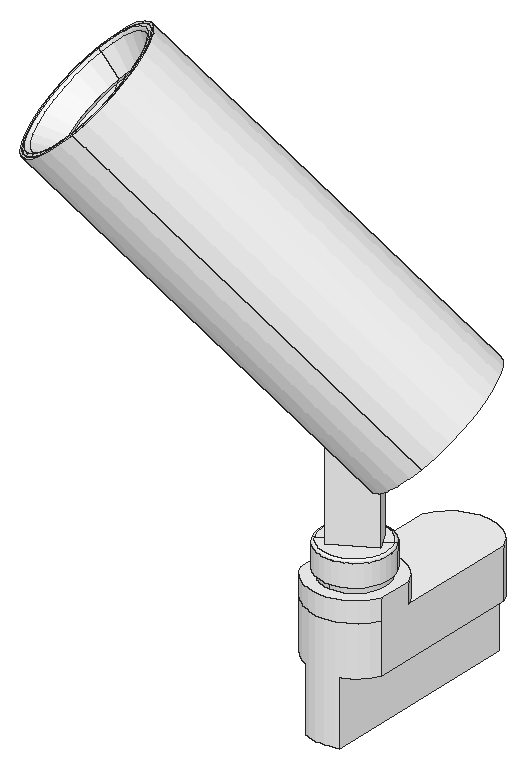
Revit family "0005428 Sylvania Lighting Fixture START Track Spot Integral 940 MB WB WHT", category Lighting Fixtures, host Face, Revit 2017
Family settings
  Host = Face
  Round Connector Dimension = Use Diameter
  Part Type = Normal
  OmniClass Number = 23.80.70.00
  OmniClass Title = Lighting
  Cut with Voids When Loaded = No
  Light Source = No
  Shared = No
  Room Calculation Point = No
Parameters (values of type "0005428 ST TRK SPT INTGRL 1500LM 940 MB WHT")
  Weight = "5.832 kg"
  Wattage Comments = ""
  WarrantyStartDate [instance] = "n/a"
  WarrantyGuarantorParts = "n/a"
  WarrantyDurationUnit = "n/a"
  WarrantyDurationParts = "n/a"
  WarrantyDescription = "n/a"
  Voltage = 230 V
  VerticalRotation_SYL [instance] = 60.00°
  VerticalEndAngle_SYL [instance] = VerticalRotation_SYL - 180.00°  # -120.00°
  URL = "http://www.sylvania-lighting.com"
  TypeName = "START Track Spot Integral 1500lm 940 MB WB WHT"
  TypeHead_SYL = START Track Spot Integral Head : 0005428 ST TRK SPT INTGRL 1500LM 940 MB WHT
  TypeArm_SYL = START Track Spot Integral Arm : START Track Spot Integral WH
  Type Image = <None>
  Type Comments = "n/a"
  SerialNumber [instance] = "n/a"
  Material_3_SYL = none
  PowerFactor = 0
  PowerConsumption = "17 W"
  NominalLength = 0 mm
  NominalHeight = 0 mm
  NominalDepth = 0 mm
  Name = "START Track Spot Integral 1500lm 940 MB WB WHT"
  ModelReference = Name  # "START Track Spot Integral 1500lm 940 MB WB WHT"
  ModelNumber = "0005428"
  Model = Name  # "START Track Spot Integral 1500lm 940 MB WB WHT"
  Material = "n/a"
  ManufacturerName = "Feilo Sylvania"
  Manufacturer = "Feilo Sylvania"
  LuminousEfficacy = "85.45 lm/W"
  LuminaireType = ""
  LightOutputRatio = "n/a"
  LampsType = Lamp  # "LED"
  LampNominalLuminous = "1500 lm"
  LampMacAdamStep = "3"
  LampColourTemperature = "4000"
  LampColourRenderingIndex = "90"
  Lamp = "LED"
  Keynote = "16500"
  InstallationDate [instance] = "n/a"
  InputVoltage = "220-240V~"
  InputNominalFrequency = "50/60 Hz"
  IngressProtection = "IP20"
  ImpactProtectionIndex = "IK03"
  IfcExportType = "IfcLightFixtureType"
  IfcExportAs = "IfcLightFixtureType"
  HorizontalRotation_SYL [instance] = 45.00°
  ExpectedLife = 50000
  ElectricShockClassification = "Class I"
  DurationUnit = "hours"
  DocumentationLiterature = "http://www.sylvania-lighting.com/product/en-int/products/0005428"
  DimmingControlOptions = "Non dimmable"
  Material_2_SYL = Spacer-Sylvania-StartTrackSpot-Aluminium
  Description = ""
  Default Elevation = 1219.2 mm
  CreatedOn = "9/6/2018"
  CreatedBy = ""
  Cost = 0
  built-in parameter 1114216 [instance] = (empty or 0)
  ClassificationValue = "EF_70_80"
  ClassificationName = "Uniclass2015"
  Material_1_SYL = Body-Sylvania-StartTrackSpot-White
  BarCode [instance] = "n/a"
  AssetType = "Fixed"
  AssetIdentifier [instance] = "n/a"
  Assembly Code = "D5020200"
  Apparent Load = 17 VA
  Material_4_SYL = none
Types (2, lengths in mm): name | TypeName | TypeHead_SYL | Name | ModelReference | Model | LuminousEfficacy | LampNominalLuminous
  0005428 ST TRK SPT INTGRL 1500LM 940 MB WHT | "START Track Spot Integral 1500lm 940 MB WB WHT" | START Track Spot Integral Head : 0005428 ST TRK SPT INTGRL 1500LM 940 MB WHT | "START Track Spot Integral 1500lm 940 MB WB WHT" | "START Track Spot Integral 1500lm 940 MB WB WHT" | "START Track Spot Integral 1500lm 940 MB WB WHT" | "85.45 lm/W" | "1500 lm"
  0005428 ST TRK SPT INTGRL 1550LM 940 WB WHT | "START Track Spot Integral 1550lm 940 MB WB WHT" | START Track Spot Integral Head : 0005428 ST TRK SPT INTGRL 1550LM 940 WB WHT | "START Track Spot Integral 1550lm 940 MB WB WHT" | "START Track Spot Integral 1550lm 940 MB WB WHT" | "START Track Spot Integral 1550lm 940 MB WB WHT" | "90.90 lm/W" | "1550 lm"
Reference planes
  plane 1 "Center (Front/Back)": y = 0
  plane 2: z = 0
  plane 3 "Center (Left/Right)": x = 0
  plane 4: x = 16.6
  plane 5: x = -16.6
  plane 6: x = 7
  plane 7: x = -7
  plane 8: x = -12.8
  plane 9: y = 42
  plane 10: y = 42
  plane 11: y = -42
  plane 12: y = 31.4
  plane 13: y = -31.4
  plane 14: z = -26
  plane 15: z = 20.3
  plane 16: z = 28.5
  plane 17: z = 31.2
  plane 18: y = -17.4
  plane 19: y = -6.8
  plane 20: y = -24.4
Forms (mm)
  Extrusion 1, solid, material "Body-Sylvania-StartTrackSpot-White" <- "Material_1_SYL"
    sketch origin (0, 0, 0) x (1, 0, 0) y (0, 1, 0)
      loop
        line (-16.6, 31.4) -> (-16.6, -31.4)
        arc (-16.6, -31.4) -> (0, -42) -> (16.6, -31.4) r 18.298
        line (16.6, -31.4) -> (16.6, 31.4)
        arc (16.6, 31.4) -> (0, 42) -> (-16.6, 31.4) r 18.298
    from -26 to 20.3
  Extrusion 2, void
    sketch origin (0, 0, 0) x (1, 0, 0) y (0, 1, 0)
      loop
        arc (-7, 40.608) -> (-12.666, 36.907) -> (-16.6, 31.4) r 18.298
        line (-16.6, 31.4) -> (-16.6, -31.4)
        arc (-16.6, -31.4) -> (-12.666, -36.907) -> (-7, -40.608) r 18.298
        line (-7, -40.608) -> (-7, 40.608)
      loop
        line (16.6, -31.4) -> (16.6, 31.4)
        arc (16.6, 31.4) -> (12.666, 36.907) -> (7, 40.608) r 18.298
        line (7, 40.608) -> (7, -40.608)
        arc (7, -40.608) -> (12.666, -36.907) -> (16.6, -31.4) r 18.298
    from 0 to -26
  Extrusion 3, solid, material "Body-Sylvania-StartTrackSpot-White" <- "Material_1_SYL"
    sketch origin (1223.4, -4572, 20.3) x (0, -1, 0) y (-1, 0, 0)
      loop
        line (-4540.6, 1240) -> (-4554.6, 1240)
        arc (-4554.6, 1240) -> (-4565.2, 1223.4) -> (-4554.6, 1206.8) r 18.298
        line (-4554.6, 1206.8) -> (-4540.6, 1206.8)
        arc (-4540.6, 1206.8) -> (-4530, 1223.4) -> (-4540.6, 1240) r 18.298
    from -8.2 to 0
  Extrusion 4, solid, material "Spacer-Sylvania-StartTrackSpot-Aluminium" <- "Material_2_SYL"
    sketch origin (1223.4, -4572, 28.5) x (0, -1, 0) y (-1, 0, 0)
      loop
        circle (-4547.6, 1223.4) r 12.7
    from 0 to -2.7
  Revolve 5, solid, not visible
    sketch origin (1524, -24.4, 1219.2) x (1, 0, 0) y (0, 0, 1)
      loop
        line (-1524, -1188) -> (-1524, -1168.735) -> (-1531, -1168.735) -> (-1531, -1188) -> (-1524, -1188)
      axis (-1524, -1168.735) -> (-1524, -1188)
    angle from 60 <- "VerticalRotation_SYL" to -120 <- "VerticalEndAngle_SYL"
Cuts and joins
  Extrusion 2 cuts Extrusion 1
  joined: Extrusion 1, Extrusion 3
Lines and regions (mm)
  reference lines
    curve 1: circle (0, -24.4, 0) r 12.7 normal (0, 0, 1)
    curve 2: arc (-16.6, -31.4, 0) -> (0, -42, 0) -> (16.6, -31.4, 0) r 18.298
    curve 3: arc (-16.6, -17.4, 0) -> (0, -6.8, 0) -> (16.6, -17.4, 0) r 18.298
    curve 4: arc (-16.6, 31.4, 0) -> (0, 42, 0) -> (16.6, 31.4, 0) r 18.298
Dimensions and locks
  plane 6 to plane 3 "Center (Left/Right)" to plane 7 = 7 mm locked, 7 mm locked
  plane 4 to plane 3 "Center (Left/Right)" to plane 5 = 16.6 mm locked, 16.6 mm locked
  locked: plane 3 "Center (Left/Right)" to plane 8 at 12.8
  plane 11 to plane 1 "Center (Front/Back)" to plane 10 = 42 mm locked, 42 mm locked
  plane 13 to plane 1 "Center (Front/Back)" to plane 12 = 31.4 mm locked, 31.4 mm locked
  locked: plane 2 to plane 14 at 26
  locked: plane 15 to plane 2 at 20.3
  plane 17 to plane 16 to plane 15 = 2.7 mm locked, 8.2 mm locked
  locked: plane 13 to plane 18 at 14
  locked: plane 18 to plane 19 at 10.6
  equal spacing: plane 13, plane 20, plane 18
  locked: plane 20 to curve 2 at 0.698
  locked: curve 3 to plane 20 at 0.698
  aligned and locked: plane 2 to host face
  aligned and locked: level to host face
  aligned and locked: plane 3 "Center (Left/Right)" to curve 1
  aligned and locked: plane 20 to curve 1
  aligned and locked: plane 13 to curve 2  (x2)
  aligned and locked: plane 18 to curve 3  (x2)
  aligned and locked: plane 12 to curve 4  (x2)
  aligned and locked: plane 4 to curve 4
  aligned and locked: plane 3 "Center (Left/Right)" to curve 4
  aligned and locked: plane 5 to curve 2
  aligned and locked: plane 5 to curve 3
  aligned and locked: plane 4 to curve 3
  aligned and locked: plane 4 to curve 2
  aligned and locked: plane 12 to Extrusion 1 sketch curve
  aligned and locked: plane 13 to Extrusion 1 sketch curve
  aligned and locked: Extrusion 1 sketch curve to curve 4
  aligned and locked: Extrusion 1 sketch curve to curve 2
  aligned and locked: Extrusion 1 to plane 15
  aligned and locked: plane 14 to Extrusion 1
  aligned and locked: Extrusion 2 sketch curve to Extrusion 1  (x5)
  aligned and locked: Extrusion 2 sketch curve to plane 7
  aligned and locked: plane 14 to Extrusion 2
  aligned and locked: level to Extrusion 2
  aligned and locked: Extrusion 3 sketch curve to cut or joined group of Extrusion 1, Extrusion 2, Extrusion 3  (x2)
  aligned and locked: Extrusion 3 sketch curve to curve 3
  aligned and locked: cut or joined group of Extrusion 1, Extrusion 2, Extrusion 3 to Extrusion 3 sketch curve
  aligned and locked: Extrusion 3 to plane 16
  aligned and locked: plane 15 to Extrusion 3
  aligned and locked: Extrusion 4 sketch curve to curve 1
  aligned and locked: Extrusion 4 to plane 17
  aligned and locked: plane 16 to Extrusion 4
  aligned and locked: Revolve 5 sketch curve to plane 3 "Center (Left/Right)"
  aligned and locked: Extrusion 4 to Revolve 5 sketch curve
  aligned and locked: Revolve 5 sketch curve to Extrusion 4
  aligned and locked: plane 17 to nested 1
Automatic sketch dimensions
  host sketch curve to host sketch curve = 2438.4 mm  (x2)
  plane 12 to curve 4 = 7.698 mm
  plane 12 to Extrusion 2 sketch curve = 0 mm
  Extrusion 2 sketch curve to Extrusion 2 sketch curve = 0 mm  (x2)
  Extrusion 2 sketch curve to plane 6 = 0 mm
  Revolve 5 sketch curve to plane 7 = 0 mm
  Revolve 5 sketch curve to Revolve 5 sketch curve = 19.265 mm
  plane 14 to Revolve 5 sketch curve = 583.6 mm
  Revolve 5 sketch curve to Revolve 5 sketch curve = 2558.594 mm
  radius of curve 1 = 12.7 mm
Nested families
  nested 1: "START Track Spot Integral Arm" at (0, -24.4, 31.2) x (0, 0, -1) z (0.866, 0.5, 0), type <- "TypeArm_SYL", HorizontalRotation_SYL <- "HorizontalRotation_SYL", type "START Track Spot Integral WH"
    with HorizontalRotation_SYL 45.00°, HorizontalEndAngle_SYL -135.00°
  nested 2: "START Track Spot Integral Head" at (12.554, -17.152, 97.696) x (-0.5, 0.866, 0) z (0.6124, 0.3536, -0.7071), type <- "TypeHead_SYL", type "0005428 ST TRK SPT INTGRL 1500LM 940 MB WHT"
    with built-in parameter 1114216 (empty or 0)
Connectors
  electrical at (0, 0, 0), driven by "Apparent Load", driven by "PowerFactor", driven by "Voltage"
    settings: index 1, voltage 230 V, apparent load 17 VA, apparent load phase1 0 VA, apparent load phase2 0 VA, apparent load phase3 0 VA, power factor 0, load classification "Lighting", number of poles 1, system type 30, power factor state 1, is connector primary yes, connector utility no, sub classification motor no, connector description ""
Definition of nested family "START Track Spot Integral Arm"
  Parameters (values of type "START Track Spot Integral WH")
    URL = "http://www.sylvania-lighting.com"
    Type Image = (empty or 0)
    Type Comments = "n/a"
    Material_3_SYL = none
    Model = ""
    Manufacturer = "Feilo Sylvania"
    Keynote = ""
    Material_2_SYL = none
    HorizontalRotation_SYL [instance] = 0.00°
    HorizontalEndAngle_SYL [instance] = HorizontalRotation_SYL - 180.00°  # -180.00°
    Description = ""
    Default Elevation = 1219.2 mm
    Cost = 0
    Material_1_SYL = none
    Assembly Code = ""
    Material_4_SYL = none
  Types (2): name
    START Track Spot Integral WH
    START Track Spot Integral BL
  Reference planes
    plane 1 "Center (Front/Back)": y = 0
    plane 2: z = 0
    plane 3 "Center (Left/Right)": x = 0
    plane 4: x = -10
    plane 5: z = -14
    plane 6: z = -14
    plane 7: z = 14
    plane 8: x = -52
    plane 9: z = 9
    plane 10: z = -9
    plane 11: x = -60
    plane 12: y = 4.5
    plane 13: y = -4.5
    plane 14: x = -9
    plane 15: z = 13
    plane 16: z = 4
    plane 17: z = -4
    plane 18: x = -55
  Forms (mm)
    Extrusion 1, solid
      sketch origin (4.2, 0, 0) x (1, 0, 0) y (0, 1, 0)
        loop
          line (-1219.2, 1219.2) -> (-1219.2, -1219.2) -> (1219.2, -1219.2) -> (1219.2, 1219.2) -> (-1219.2, 1219.2)
      from 0 to -68.017
    Revolve 2, solid, material <- "Material_1_SYL"
      sketch origin (0, 0, 0) x (1, 0, 0) y (0, 0, 1)
        loop
          line (0, 0) -> (0, 14) -> (-9, 14)
          arc (-9, 14) -> (-9.707, 13.707) -> (-10, 13) r 1
          line (-10, 13) -> (-10, 0) -> (0, 0)
        axis (-10, 0) -> (0, 0)
      angle from 360 to 0
    Extrusion 3, solid, material <- "Material_1_SYL"
      sketch origin (0, 0, 0) x (1, 0, 0) y (0, 0, 1)
        loop
          line (-10, 9) -> (-55, 9)
          arc (-55, 9) -> (-58.536, 7.536) -> (-60, 4) r 5
          line (-60, 4) -> (-60, -4)
          arc (-60, -4) -> (-58.536, -7.536) -> (-55, -9) r 5
          line (-55, -9) -> (-10, -9) -> (-10, 9)
      from -4.5 to 4.5
    Revolve 4, solid, not visible
      sketch origin (-52, -4572, 2609.058) x (0, 0, 1) y (0, -1, 0)
        loop
          line (-2609.058, -4553.46) -> (-2609.058, -4590.54) -> (-2605.058, -4590.54) -> (-2605.058, -4553.46) -> (-2609.058, -4553.46)
        axis (-2609.058, -4553.46) -> (-2609.058, -4590.54)
      angle from 0 <- "HorizontalRotation_SYL" to -180 <- "HorizontalEndAngle_SYL"
  Dimensions and locks
    locked: plane 3 "Center (Left/Right)" to plane 4 at 10
    plane 7 to plane 2 to plane 6 = 14 mm locked, 14 mm locked
    locked: plane 4 to plane 8 at 42
    plane 13 to plane 1 "Center (Front/Back)" to plane 12 = 4.5 mm locked, 4.5 mm locked
    locked: plane 14 to plane 4 at 1
    locked: plane 7 to plane 15 at 1
    locked: plane 9 to plane 16 at 5
    locked: plane 17 to plane 10 at 5
    equal spacing: Revolve 4 sketch curve, plane 1 "Center (Front/Back)", Revolve 4 sketch curve
    locked: Revolve 4 sketch curve to plane 1 "Center (Front/Back)" at 18.54
    locked: plane 18 to plane 11 at 5
    locked: plane 4 to plane 11 at 50
    aligned and locked: plane 2 to Extrusion 1
    aligned and locked: level to Extrusion 1
    aligned and locked: level to Revolve 2 sketch curve  (x2)
    aligned and locked: plane 3 "Center (Left/Right)" to Revolve 2 sketch curve
    aligned and locked: Revolve 2 sketch curve to plane 7
    aligned and locked: plane 4 to Revolve 2 sketch curve
    aligned and locked: plane 15 to Revolve 2 sketch curve
    aligned and locked: plane 14 to Revolve 2 sketch curve
    aligned and locked: Revolve 2 sketch curve to plane 2
    aligned and locked: Extrusion 3 sketch curve to plane 9
    aligned and locked: plane 4 to Extrusion 3 sketch curve
    aligned and locked: plane 10 to Extrusion 3 sketch curve
    aligned and locked: Extrusion 3 sketch curve to plane 11
    aligned and locked: plane 13 to Extrusion 3
    aligned and locked: Extrusion 3 to plane 12
    aligned and locked: plane 16 to Extrusion 3 sketch curve
    aligned and locked: plane 17 to Extrusion 3 sketch curve
    aligned and locked: Revolve 4 sketch curve to level
    aligned and locked: Revolve 4 sketch curve to plane 16
    aligned and locked: Revolve 4 sketch curve to plane 2
    aligned and locked: plane 18 to Extrusion 3 sketch curve  (x2)
Definition of nested family "START Track Spot Integral Head"
  Parameters (values of type "0005432 ST TRK SPT INTGRL 5000LM 940 WB WHT")
    WidthCutOut_SYL = 9.5 mm  # constant formula
    Wattage Comments = "n/a"
    Wattage = 55 W
    built-in parameter 1150110 = 1 (stored number, unit not read)
    URL = "http://www.sylvania-lighting.com"
    Type Image = (empty or 0)
    Type Comments = "n/a"
    built-in parameter 1114217 = 1 (stored number, unit not read)
    Tilt Angle = 90.00°
    built-in parameter 1150109 = 1 (stored number, unit not read)
    built-in parameter 1150134 = 12
    built-in parameter 1150113 = 1 (stored number, unit not read)
    S_SYL = no
    RadiusLensOut_SYL = if(S_SYL, 21 mm, if(M_SYL, 30.5 mm, 33 mm))  # 33 mm
    RadiusLensHolder_SYL = 1.8 mm  # constant formula
    RadiusHead_SYL = if(S_SYL, 30 mm, if(M_SYL, 40 mm, 45.5 mm))  # 45.5 mm
    RadiusEmission_SYL = if(S_SYL, 8 mm, if(M_SYL, 16.5 mm, 16.5 mm))  # 16.5 mm
    Photometric Web File = "0005432 WB.ies"
    Material_3_SYL = none
    Model = "ST TRK SPT INTGRL 5000LM 940 WB WHT"
    Manufacturer = "Feilo Sylvania"
    M_SYL = no
    built-in parameter 1150105 = 397.89 (stored number, unit not read)
    Lumens = 5000 lm
    built-in parameter 1150115 = 1 (stored number, unit not read)
    built-in parameter 1150137 = (empty or 0)
    built-in parameter 1150139 = (empty or 0)
    built-in parameter 1150112 = 1 (stored number, unit not read)
    built-in parameter 1150114 = 1 (stored number, unit not read)
    Lamp = "LED"
    Keynote = "16500"
    Material_2_SYL = none
    built-in parameter 1150132 = (empty or 0)
    built-in parameter 1150102 = (empty or 0)
    built-in parameter 1150107 = 4000 (stored number, unit not read)
    built-in parameter 1150138 = (empty or 0)
    built-in parameter 1150106 = 3.9789 (stored number, unit not read)
    Height_SYL = if(S_SYL, 160 mm, if(M_SYL, 200 mm, 215 mm))  # 215 mm
    Emit from Circle Diameter = RadiusLensOut_SYL * 2  # 66 mm
    Emit Shape Visible in Rendering = no
    built-in parameter 1150104 = 8.4457 (stored number, unit not read)
    DistRotateAxisY_SYL = 16.8 mm  # constant formula
    Dimming Lamp Color Temperature Shift = (empty or 0)
    Description = ""
    DepthLens_SYL = 1.25 * (RadiusHead_SYL - 1 mm - RadiusLensOut_SYL)  # 14.375 mm
    DepthEmission_SYL = Height_SYL / 6.4  # 33.594 mm
    DepthCutOut_SYL = WidthCutOut_SYL * 2  # 19 mm
    Default Elevation = 1219.2 mm
    Cost = 0
    Color Filter = 16777215
    built-in parameter 1114216 [instance] = (empty or 0)
    Material_1_SYL = none
    built-in parameter 1114218 = 1 (stored number, unit not read)
    built-in parameter 1150133 = 10 (stored number, unit not read)
    Assembly Code = "D5020200"
    Apparent Load = 55 VA
    Material_4_SYL = none
  Types (24, lengths in mm): name | Wattage | built-in parameter 1150134 | S_SYL | RadiusLensOut_SYL | RadiusHead_SYL | RadiusEmission_SYL | Photometric Web File | Model | M_SYL | built-in parameter 1150105 | Lumens | built-in parameter 1150107 | built-in parameter 1150106 | Height_SYL | Emit from Circle Diameter | built-in parameter 1150104 | DepthLens_SYL | DepthEmission_SYL | Apparent Load
    0005433 ST TRK SPT INTGRL 5000LM 940 WB BLK | 55 W | 12 | no | 33 | 45.5 | 16.5 | "0005433 WB.ies" | "ST TRK SPT INTGRL 5000LM 940 WB BLK" | no | 397.89 (stored number, unit not read) | 5000 lm | 4000 (stored number, unit not read) | 3.9789 (stored number, unit not read) | 215 | 66 | 8.4457 (stored number, unit not read) | 14.375 | 33.594 | 55 VA
    0005433 ST TRK SPT INTGRL 5000LM 940 MB BLK | 55 W | 12 | no | 33 | 45.5 | 16.5 | "0005433 MB.ies" | "ST TRK SPT INTGRL 5000LM 940 MB BLK" | no | 397.89 (stored number, unit not read) | 5000 lm | 4000 (stored number, unit not read) | 3.9789 (stored number, unit not read) | 215 | 66 | 8.4457 (stored number, unit not read) | 14.375 | 33.594 | 55 VA
    0005432 ST TRK SPT INTGRL 5000LM 940 WB WHT | 55 W | 12 | no | 33 | 45.5 | 16.5 | "0005432 WB.ies" | "ST TRK SPT INTGRL 5000LM 940 WB WHT" | no | 397.89 (stored number, unit not read) | 5000 lm | 4000 (stored number, unit not read) | 3.9789 (stored number, unit not read) | 215 | 66 | 8.4457 (stored number, unit not read) | 14.375 | 33.594 | 55 VA
    0005432 ST TRK SPT INTGRL 5000LM 940 MB WHT | 55 W | 12 | no | 33 | 45.5 | 16.5 | "0005432 MB.ies" | "ST TRK SPT INTGRL 5000LM 940 MB WHT" | no | 397.89 (stored number, unit not read) | 5000 lm | 4000 (stored number, unit not read) | 3.9789 (stored number, unit not read) | 215 | 66 | 8.4457 (stored number, unit not read) | 14.375 | 33.594 | 55 VA
    0005431 ST TRK SPT INTGRL 3000LM 940 WB BLK | 33 W | 12 | no | 30.5 | 40 | 16.5 | "0005431 WB.ies" | "ST TRK SPT INTGRL 3000LM 940 WB BLK" | yes | 238.73 (stored number, unit not read) | 3000 lm | 4000 (stored number, unit not read) | 2.3873 (stored number, unit not read) | 200 | 61 | 8.4457 (stored number, unit not read) | 10.625 | 31.25 | 33 VA
    0005431 ST TRK SPT INTGRL 3000LM 940 MB BLK | 33 W | 12 | no | 30.5 | 40 | 16.5 | "0005431 MB.ies" | "ST TRK SPT INTGRL 3000LM 940 MB BLK" | yes | 238.73 (stored number, unit not read) | 3000 lm | 4000 (stored number, unit not read) | 2.3873 (stored number, unit not read) | 200 | 61 | 8.4457 (stored number, unit not read) | 10.625 | 31.25 | 33 VA
    0005430 ST TRK SPT INTGRL 3000LM 940 WB WHT | 33 W | 12 | no | 30.5 | 40 | 16.5 | "0005430 WB.ies" | "ST TRK SPT INTGRL 3000LM 940 WB WHT" | yes | 238.73 (stored number, unit not read) | 3000 lm | 4000 (stored number, unit not read) | 2.3873 (stored number, unit not read) | 200 | 61 | 8.4457 (stored number, unit not read) | 10.625 | 31.25 | 33 VA
    0005430 ST TRK SPT INTGRL 3000LM 940 MB WHT | 33 W | 12 | no | 30.5 | 40 | 16.5 | "0005430 MB.ies" | "ST TRK SPT INTGRL 3000LM 940 MB WHT" | yes | 238.73 (stored number, unit not read) | 3000 lm | 4000 (stored number, unit not read) | 2.3873 (stored number, unit not read) | 200 | 61 | 8.4457 (stored number, unit not read) | 10.625 | 31.25 | 33 VA
    0005429 ST TRK SPT INTGRL 1500LM 940 WB BLK | 17 W | 12 | yes | 21 | 30 | 8 | "0005429 WB.ies" | "ST TRK SPT INTGRL 1500LM 940 WB BLK" | no | 119.37 (stored number, unit not read) | 1500 lm | 4000 (stored number, unit not read) | 1.1937 (stored number, unit not read) | 160 | 42 | 8.1973 (stored number, unit not read) | 10 | 25 | 17 VA
    0005429 ST TRK SPT INTGRL 1500LM 940 MB BLK | 17 W | 12 | yes | 21 | 30 | 8 | "0005429 MB.ies" | "ST TRK SPT INTGRL 1500LM 940 MB BLK" | no | 119.37 (stored number, unit not read) | 1500 lm | 4000 (stored number, unit not read) | 1.1937 (stored number, unit not read) | 160 | 42 | 8.1973 (stored number, unit not read) | 10 | 25 | 17 VA
    0005428 ST TRK SPT INTGRL 1500LM 940 WB WHT | 17 W | 12 | yes | 21 | 30 | 8 | "0005428 WB.ies" | "ST TRK SPT INTGRL 1500LM 940 WB WHT" | no | 119.37 (stored number, unit not read) | 1500 lm | 4000 (stored number, unit not read) | 1.1937 (stored number, unit not read) | 160 | 42 | 8.1973 (stored number, unit not read) | 10 | 25 | 17 VA
    0005428 ST TRK SPT INTGRL 1500LM 940 MB WHT | 17 W | 12 | yes | 21 | 30 | 8 | "0005428 MB.ies" | "ST TRK SPT INTGRL 1500LM 940 MB WHT" | no | 119.37 (stored number, unit not read) | 1500 lm | 4000 (stored number, unit not read) | 1.1937 (stored number, unit not read) | 160 | 42 | 8.1973 (stored number, unit not read) | 10 | 25 | 17 VA
    0005427 ST TRK SPT INTGRL 4500LM 930 WB BLK | 55 W | (empty or 0) | no | 33 | 45.5 | 16.5 | "0005427 WB.ies" | "ST TRK SPT INTGRL 4500LM 930 WB BLK" | no | 358.1 (stored number, unit not read) | 4500 lm | 3000 (stored number, unit not read) | 3.581 (stored number, unit not read) | 215 | 66 | 7.6012 (stored number, unit not read) | 14.375 | 33.594 | 55 VA
    0005427 ST TRK SPT INTGRL 4500LM 930 MB BLK | 55 W | (empty or 0) | no | 33 | 45.5 | 16.5 | "0005427 MB.ies" | "ST TRK SPT INTGRL 4500LM 930 MB BLK" | no | 358.1 (stored number, unit not read) | 4500 lm | 3000 (stored number, unit not read) | 3.581 (stored number, unit not read) | 215 | 66 | 7.6012 (stored number, unit not read) | 14.375 | 33.594 | 55 VA
    0005426 ST TRK SPT INTGRL 4500LM 930 WB WHT | 55 W | (empty or 0) | no | 33 | 45.5 | 16.5 | "0005426 WB.ies" | "ST TRK SPT INTGRL 4500LM 930 WB WHT" | no | 358.1 (stored number, unit not read) | 4500 lm | 3000 (stored number, unit not read) | 3.581 (stored number, unit not read) | 215 | 66 | 7.6012 (stored number, unit not read) | 14.375 | 33.594 | 55 VA
    0005426 ST TRK SPT INTGRL 4500LM 930 MB WHT | 55 W | (empty or 0) | no | 33 | 45.5 | 16.5 | "0005426 MB.ies" | "ST TRK SPT INTGRL 4500LM 930 MB WHT" | no | 358.1 (stored number, unit not read) | 4500 lm | 3000 (stored number, unit not read) | 3.581 (stored number, unit not read) | 215 | 66 | 7.6012 (stored number, unit not read) | 14.375 | 33.594 | 55 VA
    0005425 ST TRK SPT INTGRL 2700LM 930 WB BLK | 33 W | (empty or 0) | no | 30.5 | 40 | 16.5 | "0005425 WB.ies" | "ST TRK SPT INTGRL 2700LM 930 WB BLK" | yes | 214.86 (stored number, unit not read) | 2700 lm | 3000 (stored number, unit not read) | 2.1486 (stored number, unit not read) | 200 | 61 | 7.6012 (stored number, unit not read) | 10.625 | 31.25 | 33 VA
    0005425 ST TRK SPT INTGRL 2700LM 930 MB BLK | 33 W | (empty or 0) | no | 30.5 | 40 | 16.5 | "0005425 MB.ies" | "ST TRK SPT INTGRL 2700LM 930 MB BLK" | yes | 214.86 (stored number, unit not read) | 2700 lm | 3000 (stored number, unit not read) | 2.1486 (stored number, unit not read) | 200 | 61 | 7.6012 (stored number, unit not read) | 10.625 | 31.25 | 33 VA
    0005424 ST TRK SPT INTGRL 2700LM 930 WB WHT | 33 W | (empty or 0) | no | 30.5 | 40 | 16.5 | "0005424 WB.ies" | "ST TRK SPT INTGRL 2700LM 930 WB WHT" | yes | 214.86 (stored number, unit not read) | 2700 lm | 3000 (stored number, unit not read) | 2.1486 (stored number, unit not read) | 200 | 61 | 7.6012 (stored number, unit not read) | 10.625 | 31.25 | 33 VA
    0005424 ST TRK SPT INTGRL 2700LM 930 MB WHT | 33 W | (empty or 0) | no | 30.5 | 40 | 16.5 | "0005424 MB.ies" | "ST TRK SPT INTGRL 2700LM 930 MB WHT" | yes | 214.86 (stored number, unit not read) | 2700 lm | 3000 (stored number, unit not read) | 2.1486 (stored number, unit not read) | 200 | 61 | 7.6012 (stored number, unit not read) | 10.625 | 31.25 | 33 VA
    0005423 ST TRK SPT INTGRL 1360LM 930 WB BLK | 17 W | (empty or 0) | yes | 21 | 30 | 8 | "0005423 WB.ies" | "ST TRK SPT INTGRL 1360LM 930 WB BLK" | no | 108.23 (stored number, unit not read) | 1360 lm | 3000 (stored number, unit not read) | 1.0823 (stored number, unit not read) | 160 | 42 | 7.4322 (stored number, unit not read) | 10 | 25 | 17 VA
    0005423 ST TRK SPT INTGRL 1360LM 930 MB BLK | 17 W | (empty or 0) | yes | 21 | 30 | 8 | "0005423 MB.ies" | "ST TRK SPT INTGRL 1360LM 930 MB BLK" | no | 108.23 (stored number, unit not read) | 1360 lm | 3000 (stored number, unit not read) | 1.0823 (stored number, unit not read) | 160 | 42 | 7.4322 (stored number, unit not read) | 10 | 25 | 17 VA
    0005422 ST TRK SPT INTGRL 1360LM 930 WB WHT | 17 W | (empty or 0) | yes | 21 | 30 | 8 | "0005422 WB.ies" | "ST TRK SPT INTGRL 1360LM 930 WB WHT" | no | 108.23 (stored number, unit not read) | 1360 lm | 3000 (stored number, unit not read) | 1.0823 (stored number, unit not read) | 160 | 42 | 7.4322 (stored number, unit not read) | 10 | 25 | 17 VA
    0005422 ST TRK SPT INTGRL 1360LM 930 MB WHT | 17 W | (empty or 0) | yes | 21 | 30 | 8 | "0005422 MB.ies" | "ST TRK SPT INTGRL 1360LM 930 MB WHT" | no | 108.23 (stored number, unit not read) | 1360 lm | 3000 (stored number, unit not read) | 1.0823 (stored number, unit not read) | 160 | 42 | 7.4322 (stored number, unit not read) | 10 | 25 | 17 VA
  Reference planes
    plane 1 "Center (Front/Back)": y = 0
    plane 2: z = 0
    plane 3 "Center (Left/Right)": x = 0
    plane 4: x = 45.5
    plane 5: z = 16.8
    plane 6: z = -198.2
    plane 7: x = 44.5
    plane 8: x = 33
    plane 9: x = 16.5
    plane 10: z = -183.825
    plane 11: z = -164.606
    plane 12: z = -11.2
    plane 13: x = 43.5
    plane 14: x = 38.25
    plane 15: z = -181.825
    plane 16: z = -162.606
    plane 17: z = -1
    plane 18: x = 4.75
    plane 19: x = -4.75
    plane 20: y = -45.5
    plane 21: y = -26.5
    plane 22: x = 42.5
    plane 23: y = -36
  Forms (mm)
    Extrusion 1, solid
      sketch origin (4.2, 0, 0) x (1, 0, 0) y (0, 1, 0)
        loop
          line (-1219.2, 1219.2) -> (-1219.2, -1219.2) -> (1219.2, -1219.2) -> (1219.2, 1219.2) -> (-1219.2, 1219.2)
      from 0 to -68.017
    Revolve 2, solid, material <- "Material_1_SYL"
      sketch origin (0, 0, 0) x (1, 0, 0) y (0, 0, 1)
        loop
          line (45.5, -198.2) -> (45.5, 16.8) -> (44.5, 16.8) -> (44.5, -198.2) -> (45.5, -198.2)
        axis (0, 16.8) -> (0, -198.2)
      angle from 360 to 0
    Revolve 3, solid, material <- "Material_1_SYL"
      sketch origin (0, 0, 0) x (1, 0, 0) y (0, 0, 1)
        loop
          line (44.5, 16.8) -> (43.5, 16.8)
          arc (43.5, 16.8) -> (38.25, 15.673) -> (33, 16.8) r 12.796
          line (33, 16.8) -> (0, 16.8) -> (0, -11.2) -> (44.5, -11.2) -> (44.5, 16.8)
        axis (0, 16.8) -> (0, -11.2)
      angle from 360 to 0
    Revolve 4, solid, material <- "Material_2_SYL"
      sketch origin (0, 0, 0) x (1, 0, 0) y (0, 0, 1)
        loop
          line (44.5, -181.825) -> (0, -181.825) -> (0, -183.825) -> (44.5, -183.825) -> (44.5, -181.825)
        axis (0, -181.825) -> (0, -183.825)
      angle from 360 to 0
    Revolve 5, solid
      sketch origin (0, 0, 0) x (1, 0, 0) y (0, 0, 1)
        loop
          line (0, -164.606) -> (16.5, -164.606)
          arc (16.5, -164.606) -> (30.37, -169.432) -> (38.25, -181.825) r 22.346
          line (38.25, -181.825) -> (44.5, -181.825) -> (44.5, -162.606) -> (0, -162.606) -> (0, -164.606)
        axis (0, -162.606) -> (0, -181.825)
      angle from 360 to 0
    Extrusion 6, void
      sketch origin (1524, -45.5, 1219.2) x (-1, 0, 0) y (0, 0, 1)
        loop
          line (1528.75, -1230.4) -> (1528.75, -1202.4) -> (1519.25, -1202.4) -> (1519.25, -1230.4) -> (1528.75, -1230.4)
      from 0 to 19
    Revolve 7, solid, material <- "Material_1_SYL"
      sketch origin (0, 0, 0) x (1, 0, 0) y (0, 0, 1)
        loop
          line (33, -183.825) -> (42.006, -197.453)
          arc (42.006, -197.453) -> (42.534, -197.999) -> (43.267, -198.2) r 1.437
          line (43.267, -198.2) -> (44.5, -198.2) -> (44.5, -183.825) -> (33, -183.825)
        axis (0, -183.825) -> (0, -198.2)
      angle from 360 to 0
  Cuts and joins
    Extrusion 6 cuts Revolve 3
    Extrusion 6 cuts Revolve 2
  Lines and regions (mm)
    reference lines
      curve 1: arc (33, 0, 16.8) -> (38.25, 0, 15.673) -> (43.5, 0, 16.8) r 12.796
      curve 2: line (33, 0, -183.825) -> (42.5, 0, -198.2)
  Dimensions and locks
    "RadiusHead_SYL": plane 4 to plane 3 "Center (Left/Right)"
    "DistRotateAxisY_SYL": plane 5 to plane 2
    "Height_SYL": plane 5 to plane 6
    locked: plane 4 to plane 7 at 1
    "RadiusLensOut_SYL": plane 8 to plane 3 "Center (Left/Right)"
    "RadiusEmission_SYL": plane 9 to plane 3 "Center (Left/Right)"
    "DepthLens_SYL": plane 10 to plane 6
    "DepthEmission_SYL": plane 11 to plane 6
    locked: plane 5 to plane 12 at 28
    locked: plane 4 to plane 13 at 2
    equal spacing: plane 13, plane 14, plane 8
    locked: plane 5 to curve 1 at 1.127
    locked: plane 15 to plane 10 at 2
    locked: plane 16 to plane 11 at 2
    locked: plane 2 to plane 17 at 1
    equal spacing: plane 18, plane 3 "Center (Left/Right)", plane 19
    "WidthCutOut_SYL": plane 18 to plane 19
    "RadiusHead_SYL": plane 20 to plane 1 "Center (Front/Back)"
    "DepthCutOut_SYL": plane 20 to plane 21
    locked: plane 4 to plane 22 at 3
    equal spacing: plane 20, plane 23, plane 21
    aligned and locked: plane 2 to Extrusion 1
    aligned and locked: level to Extrusion 1
    aligned and locked: plane 8 to curve 1
    aligned and locked: plane 13 to curve 1
    aligned and locked: plane 14 to curve 1
    aligned and locked: plane 5 to curve 1
    aligned and locked: Revolve 2 sketch curve to plane 3 "Center (Left/Right)"
    aligned and locked: Revolve 2 sketch curve to plane 6
    aligned and locked: Revolve 2 sketch curve to plane 4
    aligned and locked: plane 5 to Revolve 2 sketch curve
    aligned and locked: plane 7 to Revolve 2 sketch curve
    aligned and locked: Revolve 3 sketch curve to plane 3 "Center (Left/Right)"
    aligned and locked: Revolve 3 sketch curve to Revolve 2  (x3)
    aligned and locked: Revolve 3 sketch curve to plane 12
    aligned and locked: plane 3 "Center (Left/Right)" to Revolve 3 sketch curve
    aligned and locked: Revolve 3 sketch curve to curve 1
    aligned and locked: plane 5 to Revolve 3 sketch curve
    aligned and locked: Revolve 4 sketch curve to plane 3 "Center (Left/Right)"  (x2)
    aligned and locked: Revolve 4 sketch curve to plane 15
    aligned and locked: plane 7 to Revolve 4 sketch curve
    aligned and locked: Revolve 5 sketch curve to plane 3 "Center (Left/Right)"  (x2)
    aligned and locked: plane 3 "Center (Left/Right)" to Revolve 5 sketch curve
    aligned and locked: plane 9 to Revolve 5 sketch curve
    aligned and locked: plane 11 to Revolve 5 sketch curve
    aligned and locked: plane 14 to Revolve 5 sketch curve
    aligned and locked: plane 15 to Revolve 5 sketch curve
    aligned and locked: plane 12 to Extrusion 6 sketch curve
    aligned and locked: Extrusion 6 sketch curve to plane 19
    aligned and locked: Extrusion 6 sketch curve to plane 5
    aligned and locked: plane 18 to Extrusion 6 sketch curve
    aligned and locked: Extrusion 6 to plane 21
    aligned and locked: plane 20 to Extrusion 6
    aligned and locked: plane 10 to curve 2
    aligned and locked: plane 22 to curve 2
    aligned and locked: Revolve 7 sketch curve to plane 3 "Center (Left/Right)"
    aligned and locked: plane 10 to Revolve 7 sketch curve
    aligned and locked: Revolve 7 sketch curve to Revolve 4
    aligned and locked: Revolve 7 sketch curve to curve 2
    aligned and locked: plane 3 "Center (Left/Right)" to imposter light
    aligned and locked: imposter light to plane 1 "Center (Front/Back)"
    aligned and locked: imposter light to plane 10
  Automatic sketch dimensions
    Extrusion 1 sketch curve to Extrusion 1 sketch curve = 2438.4 mm  (x2)
    plane 6 to Revolve 2 sketch curve = 487.1 mm
    Revolve 2 sketch curve to plane 5 = 2571.558 mm
    plane 6 to Revolve 3 sketch curve = 487.1 mm
    Revolve 3 sketch curve to Revolve 3 sketch curve = 2566.685 mm
    plane 6 to Revolve 4 sketch curve = 487.1 mm
    Revolve 4 sketch curve to plane 5 = 2571.558 mm
    Revolve 5 sketch curve to plane 11 = 2 mm
    plane 6 to Revolve 5 sketch curve = 487.1 mm
    Revolve 5 sketch curve to plane 5 = 2571.558 mm
    Revolve 5 sketch curve to plane 7 = 0 mm
    Revolve 4 sketch curve to plane 10 = 0 mm
    curve 2 to plane 8 = 0 mm
    curve 1 to plane 14 = 0 mm
    curve 2 to plane 6 = 0 mm
    curve 1 to plane 13 = 0 mm
    Revolve 7 sketch curve to plane 6 = 0 mm
    Revolve 7 sketch curve to plane 22 = 0.494 mm
    Revolve 7 sketch curve to plane 13 = 0.233 mm
    plane 6 to Revolve 7 sketch curve = 474.6 mm
    Revolve 7 sketch curve to plane 5 = 2584.058 mm
